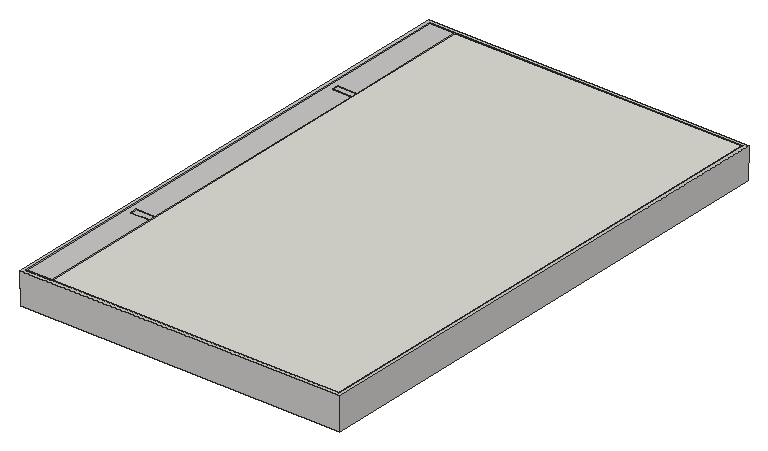
Revit family "NLRS_33_WI_FLB_maatwerk vloerluik Linfi_lin", category Windows, host Floor, Revit 2019
Family settings
  Host = Floor
  Always vertical = No
  Cut with Voids When Loaded = Yes
  Shared = Yes
  Room Calculation Point = No
Parameters (values of type "paneel multiplex")
  paneel multiplex = yes
  paneel glas = no
  lengte [instance] = if(NLRS_C_lengte < 400 mm, 400 mm, if(NLRS_C_lengte > 2400 mm, 2400 mm, NLRS_C_lengte))  # 1600 mm
  breedte [instance] = if(NLRS_C_breedte < 400 mm, 400 mm, if(NLRS_C_breedte > 1000 mm, 1000 mm, NLRS_C_breedte))  # 1000 mm
  afmetingen [instance] = Type Comments  # "breedte maximaal 1000mm, lengte maximaal 2400mm"
  Width = 0 mm
  URL = "https://linfi.nl/"
  Type Comments = "breedte maximaal 1000mm, lengte maximaal 2400mm"
  NLRS_C_model = Model  # "Maatwerk luik voorzien van multiplex"
  NLRS_C_lengte [instance] = 1600 mm
  NLRS_C_fabrikant = "Linfi Vloerluiken Ede"
  NLRS_C_breedte [instance] = 1000 mm
  Model = "Maatwerk luik voorzien van multiplex"
  Manufacturer = "Linfi"
  LoadBearing = no
  Kleur indien gepoedercoat [instance] = ""
  IsExternal = no
  IfcExportType = "Floor"
  IfcExportAs = "IfcWindow"
  Height = 0 mm
  Description = "Maatwerk vloerluik Linfi"
  Assembly Code = "33.21"
  Analytic Construction = "<None>"
Types (3, lengths in mm): name | paneel multiplex | paneel glas | lengte | NLRS_C_model | NLRS_C_lengte | NLRS_C_breedte | Model
  (no name) | yes | no | 1600 | "Maatwerk luik voorzien van multiplex" | 1600 | 1000 | "Maatwerk luik voorzien van multiplex"
  paneel multiplex | yes | no | 1600 | "Maatwerk luik voorzien van multiplex" | 1600 | 1000 | "Maatwerk luik voorzien van multiplex"
  paneel glas | no | yes | 2400 | "Maatwerk luik voorzien van geharde beglazing of multiplex" | 2600 | 1100 | "Maatwerk luik voorzien van geharde beglazing of multiplex"
Reference planes
  plane 1 "Center (Front/Back)": y = 0
  plane 2: z = 0
  plane 3 "Center (Left/Right)": x = 0
  plane 4: y = 800
  plane 5: y = -800
  plane 6: x = 1000
  plane 7: through (185, -6000, -62) normal (0.9632, 0, -0.2687)
  plane 8: y = 788
  plane 9: y = -788
  plane 10: x = 988
  plane 11: x = 90
  plane 12: x = 60
  plane 13: z = -31
Forms (mm)
  Extrusion 1, void
    sketch origin (0, 0, 0) x (1, 0, 0) y (0, 1, 0)
      loop
        line (0, -800) -> (1000, -800) -> (1000, 800) -> (0, 800) -> (0, -800)
    from -576.028 to 250
  Sweep 2, solid, material "NLRS_h2_staal rvs geborsteld_gen_lin"
    path origin (0, 0, 0) x (1, 0, 0) y (0, 1, 0)
      loop
        line (0, 800) -> (0, -800) -> (1000, -800) -> (1000, 800) -> (0, 800)
    profile "strip 10x100 : strip 10x100" origin (500, 800, 0) x (0, 1, 0) y (0, 0, 1)
      loop
        line (0, 0) -> (-10, 0) -> (-10, -100) -> (0, -100) -> (0, 0)
  Sweep 3, solid, material "NLRS_h2_staal rvs geborsteld_gen_lin"
    path origin (0, 0, 0) x (1, 0, 0) y (0, 1, 0)
      loop
        line (10, -790) -> (990, -790) -> (990, 790) -> (10, 790) -> (10, -790)
    profile "strip 10x40 : strip 10x40" origin (500, -790, 0) x (0, 1, 0) y (0, 0, 1)
      loop
        line (0, -54) -> (0, -94) -> (10, -94) -> (10, -54) -> (0, -54)
  Extrusion 4, solid, material "NLRS_h2_staal rvs geborsteld_gen_lin"
    sketch origin (0, 0, 0) x (1, 0, 0) y (0, 1, 0)
      loop
        line (10, 790) -> (10, -790) -> (90, -790) -> (90, 790) -> (10, 790)
    from -10 to 0
  Extrusion 5, void
    sketch origin (0, 0, 0) x (1, 0, 0) y (0, 1, 0)
      loop
        line (30, 404) -> (30, 384) -> (90, 384) -> (90, 404) -> (30, 404)
      loop
        line (30, -384) -> (30, -404) -> (90, -404) -> (90, -384) -> (30, -384)
    from -10 to 0
Cuts and joins
  Extrusion 5 cuts Extrusion 4
Dimensions and locks
  "breedte": plane 3 "Center (Left/Right)" to plane 6
  equal spacing: plane 4, plane 1 "Center (Front/Back)", plane 5
  "lengte": plane 4 to plane 5
  plane 2 to nested 2 = 554 mm
  locked: plane 4 to plane 8 at 12
  locked: plane 9 to plane 5 at 12
  locked: plane 10 to plane 6 at 12
  locked: plane 3 "Center (Left/Right)" to plane 11 at 90
  aligned and locked: level to plane 2
  aligned and locked: plane 4 to Extrusion 1 sketch curve
  aligned and locked: Extrusion 1 sketch curve to plane 5
  aligned and locked: Extrusion 1 sketch curve to plane 3 "Center (Left/Right)"
  aligned and locked: plane 6 to Extrusion 1 sketch curve
  aligned and locked: Sweep 2 sketch curve to plane 4
  aligned and locked: plane 3 "Center (Left/Right)" to Sweep 2 sketch curve
  aligned and locked: plane 5 to Sweep 2 sketch curve
  aligned and locked: Sweep 2 sketch curve to plane 6
  aligned and locked: Sweep 3 sketch curve to Sweep 2  (x4)
  aligned and locked: nested 2 to Sweep 2
  aligned and locked: nested 2 to Sweep 3
  aligned and locked: nested 2 to plane 1 "Center (Front/Back)"
  aligned and locked: plane 9 to nested 1
  aligned and locked: plane 8 to nested 1
  aligned and locked: plane 10 to nested 1
  aligned and locked: Extrusion 5 sketch curve to nested 1  (x7)
  aligned and locked: plane 11 to nested 3
  aligned and locked: plane 9 to nested 3
  aligned and locked: plane 10 to nested 3
  aligned and locked: plane 8 to nested 3
Automatic sketch dimensions
  Extrusion 4 sketch curve to plane 9 = 2 mm
  plane 8 to Extrusion 4 sketch curve = 2 mm
  plane 3 "Center (Left/Right)" to Extrusion 4 sketch curve = 10 mm
  Extrusion 4 sketch curve to plane 11 = 0 mm
  Extrusion 5 sketch curve to plane 11 = 0 mm
Nested families
  nested 1: "NLRS_WI_UN_paneel_lin" at (90, 0, 0), visible <- "paneel glas", type "paneel glas"
    with paneel multiplex no, paneel glas yes, NLRS_C_lengte 1576 mm, NLRS_C_breedte 898 mm
  nested 2: "NLRS_GM_UN_motorsteun_lin" at (90, 0, -54) x (0, 1, 0) z (0, 0, 1), type "NLRS_GM_UN_motorsteun_lin"
  nested 3: "NLRS_WI_UN_paneel_lin" at (90, 0, 0), visible <- "paneel multiplex", type "paneel multiplex"
    with paneel multiplex yes, paneel glas no, NLRS_C_lengte 1576 mm, NLRS_C_breedte 898 mm
Definition of nested family "NLRS_WI_UN_paneel_lin"
  Parameters (values of type "NLRS_WI_UN_paneel_lin")
    paneel multiplex [instance] = no
    paneel glas [instance] = yes
    NLRS_C_lengte [instance] = 1700 mm
    NLRS_C_breedte [instance] = 900 mm
    Description = "gehard glas Linfi"
  Reference planes
    plane 1 "Center (Front/Back)": y = 0
    plane 2: z = 0
    plane 3 "Center (Left/Right)": x = 0
    plane 4: x = 900
    plane 5: y = 850
    plane 6: y = -850
    plane 7: x = 115
    plane 8: y = -425
    plane 9: y = 425
    plane 10: x = -60
  Forms (mm)
    Sweep 1, solid
      path origin (0, 0, 0) x (1, 0, 0) y (0, 1, 0)
        loop
          line (0, -850) -> (900, -850) -> (900, 850) -> (0, 850) -> (0, -850)
      profile "koker 30x30 : koker 30x30" origin (450, -850, 0) x (0, 1, 0) y (0, 0, 1)
        loop
          line (28, -24) -> (2, -24) -> (2, -50) -> (28, -50) -> (28, -24)
        loop
          line (0, -52) -> (30, -52) -> (30, -22) -> (0, -22) -> (0, -52)
    Extrusion 2, solid, visible <- "paneel glas"
      sketch origin (0, 0, 0) x (1, 0, 0) y (0, 1, 0)
        loop
          line (0, -850) -> (900, -850) -> (900, 850) -> (0, 850) -> (0, -850)
      from 0 to -22
    Sweep 3, solid
      path origin (0, 0, 0) x (1, 0, 0) y (0, 1, 0)
        loop
          line (30, 0) -> (115, 0)
      profile "koker 30x30 : koker 30x30" origin (72.5, 0, 0) x (0, 1, 0) y (0, 0, 1)
        loop
          line (13, -24) -> (-13, -24) -> (-13, -50) -> (13, -50) -> (13, -24)
        loop
          line (-15, -52) -> (15, -52) -> (15, -22) -> (-15, -22) -> (-15, -52)
    Sweep 4, solid
      path origin (0, 0, 0) x (1, 0, 0) y (0, 1, 0)
        loop
          line (30, 425) -> (115, 425)
      profile "koker 30x30 : koker 30x30" origin (72.5, 425, 0) x (0, 1, 0) y (0, 0, 1)
        loop
          line (13, -24) -> (-13, -24) -> (-13, -50) -> (13, -50) -> (13, -24)
        loop
          line (-15, -52) -> (15, -52) -> (15, -22) -> (-15, -22) -> (-15, -52)
    Sweep 5, solid
      path origin (0, 0, 0) x (1, 0, 0) y (0, 1, 0)
        loop
          line (30, -425) -> (115, -425)
      profile "koker 30x30 : koker 30x30" origin (72.5, -425, 0) x (0, 1, 0) y (0, 0, 1)
        loop
          line (13, -24) -> (-13, -24) -> (-13, -50) -> (13, -50) -> (13, -24)
        loop
          line (-15, -52) -> (15, -52) -> (15, -22) -> (-15, -22) -> (-15, -52)
    Sweep 6, solid
      path origin (0, 0, 0) x (1, 0, 0) y (0, 1, 0)
        loop
          line (115, -820) -> (115, 820)
      profile "strip 20x40 : strip 20x40" origin (115, 0, 0) x (-1, 0, 0) y (0, 0, 1)
        loop
          line (-20, -62) -> (0, -62) -> (0, -22) -> (-20, -22) -> (-20, -62)
    Sweep 7, solid
      path origin (105, 0, 0) x (1, 0, 0) y (0, 1, 0)
        loop
          line (30, 0) -> (765, 0)
      profile "koker 30x30 : koker 30x30" origin (502.5, 0, 0) x (0, 1, 0) y (0, 0, 1)
        loop
          line (13, -24) -> (-13, -24) -> (-13, -50) -> (13, -50) -> (13, -24)
        loop
          line (-15, -52) -> (15, -52) -> (15, -22) -> (-15, -22) -> (-15, -52)
    Sweep 8, solid
      path origin (0, 0, 0) x (1, 0, 0) y (0, 1, 0)
        loop
          line (0, 425) -> (-60, 425)
      profile "strip 20x60 : strip 20x60" origin (-30, 425, 0) x (0, -1, 0) y (0, 0, 1)
        loop
          line (-10, -60) -> (10, -60) -> (10, 0) -> (-10, 0) -> (-10, -60)
    Sweep 9, solid
      path origin (0, -900, 0) x (1, 0, 0) y (0, 1, 0)
        loop
          line (0, 475) -> (-60, 475)
      profile "strip 20x60 : strip 20x60" origin (-30, -425, 0) x (0, -1, 0) y (0, 0, 1)
        loop
          line (-10, -60) -> (10, -60) -> (10, 0) -> (-10, 0) -> (-10, -60)
    Extrusion 10, solid, visible <- "paneel multiplex"
      sketch origin (0, 0, 0) x (1, 0, 0) y (0, 1, 0)
        loop
          line (0, -850) -> (900, -850) -> (900, 850) -> (0, 850) -> (0, -850)
      from 0 to -22
  Dimensions and locks
    equal spacing: plane 5, plane 1 "Center (Front/Back)", plane 6
    "NLRS_C_lengte": plane 5 to plane 6
    "NLRS_C_breedte": plane 3 "Center (Left/Right)" to plane 4
    locked: plane 3 "Center (Left/Right)" to plane 7 at 115
    equal spacing: plane 1 "Center (Front/Back)", plane 8, plane 6
    equal spacing: plane 1 "Center (Front/Back)", plane 9, plane 5
    locked: plane 10 to plane 3 "Center (Left/Right)" at 60
    aligned and locked: level to plane 2
    aligned and locked: Sweep 1 sketch curve to plane 6
    aligned and locked: Sweep 1 sketch curve to plane 3 "Center (Left/Right)"
    aligned and locked: plane 5 to Sweep 1 sketch curve
    aligned and locked: plane 4 to Sweep 1 sketch curve
    aligned and locked: plane 5 to Extrusion 2 sketch curve
    aligned and locked: plane 4 to Extrusion 2 sketch curve
    aligned and locked: Extrusion 2 sketch curve to plane 3 "Center (Left/Right)"
    aligned and locked: Extrusion 2 sketch curve to plane 6
    aligned and locked: Extrusion 2 to Sweep 1
    aligned and locked: level to Extrusion 2
    aligned and locked: plane 1 "Center (Front/Back)" to Sweep 3 sketch curve
    aligned and locked: Sweep 1 to Sweep 3 sketch curve
    aligned and locked: Sweep 4 sketch curve to plane 9
    aligned and locked: plane 7 to Sweep 4 sketch curve
    aligned and locked: Sweep 1 to Sweep 4 sketch curve
    aligned and locked: Sweep 5 sketch curve to plane 8
    aligned and locked: plane 7 to Sweep 5 sketch curve
    aligned and locked: Sweep 1 to Sweep 5 sketch curve
    aligned and locked: Sweep 1 to Sweep 6 sketch curve  (x2)
    aligned and locked: plane 7 to Sweep 6 sketch curve
    aligned and locked: Sweep 6 to Sweep 3 sketch curve
    aligned and locked: Sweep 1 to Sweep 7 sketch curve
    aligned and locked: Sweep 6 to Sweep 7 sketch curve
    aligned and locked: plane 1 "Center (Front/Back)" to Sweep 7 sketch curve
    aligned and locked: plane 9 to Sweep 8 sketch curve
    aligned and locked: Extrusion 2 to Sweep 8 sketch curve
    aligned and locked: plane 10 to Sweep 8 sketch curve
    aligned and locked: plane 8 to Sweep 9 sketch curve
    aligned and locked: Extrusion 2 to Sweep 9 sketch curve
    aligned and locked: plane 10 to Sweep 9 sketch curve
    aligned and locked: plane 5 to Extrusion 10 sketch curve
    aligned and locked: plane 4 to Extrusion 10 sketch curve
    aligned and locked: Extrusion 10 sketch curve to plane 6
    aligned and locked: Extrusion 10 sketch curve to plane 3 "Center (Left/Right)"
Definition of nested family "NLRS_GM_UN_motorsteun_lin"
  Reference planes
    plane 1 "Center (Front/Back)": y = 0
    plane 2: z = 0
    plane 3 "Center (Left/Right)": x = 0
    plane 4: x = 55
    plane 5: z = -500
    plane 6: x = -165
    plane 7: y = 40
    plane 8: through (0, 40.05, -492) normal (0, 0.9636, 0.2672)
  Forms (mm)
    Sweep 1, solid
      path origin (-55, 0, 0) x (1, 0, 0) y (0, 0, 1)
        loop
          line (-110, 0) -> (-110, -500) -> (110, -500) -> (110, 0)
      profile origin (-165, 0, -250) x (0, -1, 0) y (1, 0, 0)
        loop
          line (0, 0) -> (0, 8) -> (-80, 8) -> (-80, 0) -> (0, 0)
    Extrusion 2, void
      sketch origin (0, 0, 0) x (0, 1, 0) y (0, 0, 1)
        loop
          line (0, 0) -> (0, -40) -> (40, 0) -> (0, 0)
      from -165 to 55
    Extrusion 3, solid
      sketch origin (0, -129.931, -28.548) x (1, 0, 0) y (0, 0.963686, 0.26704)
        loop
          circle (0, 40) r 30
      from -478.243 to -219.924
    Extrusion 4, solid
      sketch origin (0, -134.939, -10.69) x (1, 0, 0) y (0, 0.96363, 0.267238)
        loop
          circle (0, 40) r 15
      from -238.472 to -7.825
  Cuts and joins
    Extrusion 2 cuts Sweep 1
  Dimensions and locks
    level to plane 5 = 500 mm
    plane 4 to plane 3 "Center (Left/Right)" to plane 6 = 55 mm, 165 mm
    locked: plane 4 to plane 6 at 220
    equal spacing: cut or joined group of Sweep 1, Extrusion 2, plane 7, plane 1 "Center (Front/Back)"
    aligned and locked: level to plane 2
    aligned and locked: Extrusion 4 to Extrusion 3
    aligned and locked: Extrusion 2 to plane 4
    aligned and locked: Extrusion 2 to plane 6
  Automatic sketch dimensions
    Sweep 1 sketch curve to plane 5 = 0 mm
    Sweep 1 sketch curve to plane 6 = 0 mm
    plane 4 to Sweep 1 sketch curve = 0 mm
    Sweep 1 sketch curve to level = 0 mm  (x2)
    Sweep 1 sketch curve to profile plane = 0 mm
    plane 1 "Center (Front/Back)" to Sweep 1 sketch curve = 0 mm
    Sweep 1 sketch curve to profile plane = 8 mm
    Sweep 1 sketch curve to plane 1 "Center (Front/Back)" = 80 mm
    Extrusion 2 sketch curve to level = 0 mm
    Extrusion 2 sketch curve to plane 1 "Center (Front/Back)" = 0 mm
    Extrusion 2 sketch curve to plane 7 = 0 mm
    Extrusion 2 sketch curve to level = 40 mm
    plane 3 "Center (Left/Right)" to Extrusion 3 sketch curve = 0 mm
    Extrusion 4 sketch curve to plane 8 = 0 mm
    plane 3 "Center (Left/Right)" to Extrusion 4 sketch curve = 0 mm
    radius of Extrusion 3 sketch curve = 30 mm
    radius of Extrusion 4 sketch curve = 15 mm
